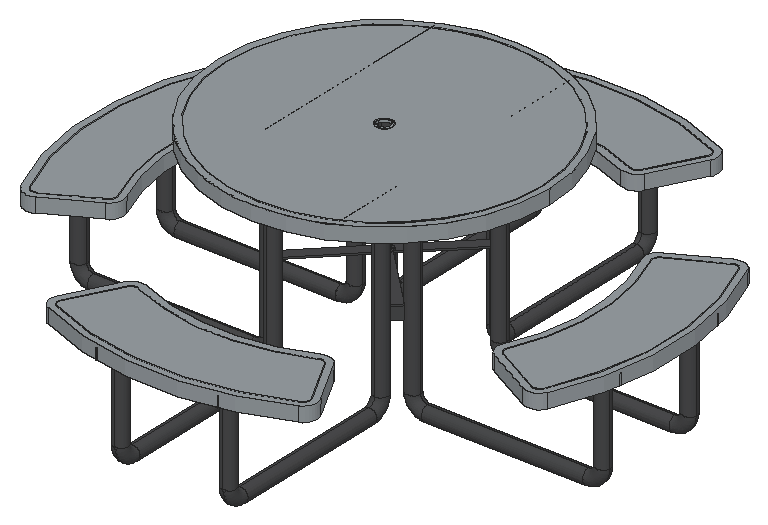
Revit family "OF-T46ROx", category Furniture, Revit 2020
Family settings
  Work Plane-Based = No
  Always vertical = Yes
  Cut with Voids When Loaded = No
  Shared = No
  Room Calculation Point = No
Parameters (values of type "OF-T46ROP")
  Top Perforated [instance] = Getzen Gray Perforated
  Top Frame [instance] = Getzen Gray Solid
  Top Expanded [instance] = Getzen Gray Expanded
  Seat Perforated [instance] = Getzen Gray Perforated
  Seat Frame [instance] = Getzen Gray Solid
  Seat Expanded [instance] = Getzen Gray Expanded
  HS Seat Count = 8
  Frame [instance] = Getzen Black Solid
  Surface Mount = no
  Perforated = no
  Mount = no
  Model = "OF-T46ROP"
  In Ground = no
  Expanded = yes
  ES Seat Count = 8
  Default Elevation = 0' - 0"
Types (6): name | Surface Mount | Perforated | Mount | Model | In Ground | Expanded
  OF-T46ROP | no | no | no | "OF-T46ROP" | no | yes
  OF-T46ROSM | yes | no | yes | "OF-T46ROSM" | no | yes
  OF-T46ROIG | no | no | yes | "OF-T46ROIG" | yes | yes
  OF-T46ROIG-PERF | no | yes | yes | "OF-T46ROIG-PERF" | yes | no
  OF-T46ROP-PERF | no | yes | no | "OF-T46ROP-PERF" | no | no
  OF-T46ROSM-PERF | yes | yes | yes | "OF-T46ROSM-PERF" | no | no
Reference planes (in)
  plane 1 "Center (Front/Back)": y = 0
  plane 2: z = 0
  plane 3 "Center (Left/Right)": x = 0
  plane 4 "29"": z = 29.5
  plane 5 "Seat Height": z = 16.5
Forms (in)
  Extrusion 1, solid, material "Getzen Gray Solid" <- "Seat Frame"
    sketch origin (0, 0, 0) x (1, 0, 0) y (0, 1, 0)
      loop
        arc (-36.58456, -17.37296) -> (-35.39958, -18.41597) -> (-33.8273, -18.27467) r 2
        line (-33.8273, -18.27467) -> (-26.99715, -14.58479)
        arc (-26.99715, -14.58479) -> (-26.05096, -13.45927) -> (-26.13003, -11.991) r 2
        arc (-26.13003, -11.991) -> (-28.75, 0) -> (-26.13003, 11.991) r 28.75
        arc (-26.13003, 11.991) -> (-26.05096, 13.45927) -> (-26.99715, 14.58479) r 2
        line (-26.99715, 14.58479) -> (-33.8273, 18.27467)
        arc (-33.8273, 18.27467) -> (-35.39958, 18.41597) -> (-36.58456, 17.37296) r 2
        arc (-36.58456, 17.37296) -> (-40.5, 0) -> (-36.58456, -17.37296) r 40.5
      loop
        arc (-35.68124, 16.944) -> (-39.5, 0) -> (-35.68124, -16.944) r 39.5
        arc (-35.68124, -16.944) -> (-35.08875, -17.4655) -> (-34.30261, -17.39486) r 1
        line (-34.30261, -17.39486) -> (-27.47246, -13.70497)
        arc (-27.47246, -13.70497) -> (-26.99936, -13.14221) -> (-27.0389, -12.40808) r 1
        arc (-27.0389, -12.40808) -> (-29.75, 0) -> (-27.0389, 12.40808) r 29.75
        arc (-27.0389, 12.40808) -> (-26.99936, 13.14221) -> (-27.47246, 13.70497) r 1
        line (-27.47246, 13.70497) -> (-34.30261, 17.39486)
        arc (-34.30261, 17.39486) -> (-35.08875, 17.4655) -> (-35.68124, 16.944) r 1
    from 14.5 to 16.5
  Extrusion 2, solid, material "Getzen Gray Perforated" <- "Seat Perforated", visible <- "Perforated"
    sketch origin (0, 0, 0) x (1, 0, 0) y (0, 1, 0)
      loop
        arc (-34.30261, 17.39486) -> (-35.08875, 17.4655) -> (-35.68124, 16.944) r 1
        arc (-35.68124, 16.944) -> (-39.5, 0) -> (-35.68124, -16.944) r 39.5
        arc (-35.68124, -16.944) -> (-35.08875, -17.4655) -> (-34.30261, -17.39486) r 1
        line (-34.30261, -17.39486) -> (-27.47246, -13.70497)
        arc (-27.47246, -13.70497) -> (-26.99936, -13.14221) -> (-27.0389, -12.40808) r 1
        arc (-27.0389, -12.40808) -> (-29.75, 0) -> (-27.0389, 12.40808) r 29.75
        arc (-27.0389, 12.40808) -> (-26.99936, 13.14221) -> (-27.47246, 13.70497) r 1
        line (-27.47246, 13.70497) -> (-34.30261, 17.39486)
    from 16.375 to 16.5
  Extrusion 3, solid, material "Getzen Gray Solid" <- "Top Frame"
    sketch origin (0, 0, 0) x (1, 0, 0) y (0, 1, 0)
      loop
        circle (0, 0) r 23
      loop
        circle (0, 0) r 22
    from 27.5 to 29.5
  Extrusion 4, solid, material "Getzen Gray Perforated" <- "Top Perforated", visible <- "Perforated"
    sketch origin (0, 0, 0) x (1, 0, 0) y (0, 1, 0)
      loop
        circle (0, 0) r 22
      loop
        circle (0, 0) r 1.128
    from 29.375 to 29.5
  Extrusion 5, solid, material "Getzen Gray Solid" <- "Top Frame"
    sketch origin (0, 0, 1.5) x (0, 1, 0) y (0, 0, 1)
      loop
        line (8.5, 13) -> (8.5, 14.5) -> (8.375, 14.5) -> (8.375, 13.125) -> (6.5, 13.125) -> (6.5, 13) -> (8.5, 13)
      loop
        line (-8.5, 13) -> (-6.5, 13) -> (-6.5, 13.125) -> (-8.375, 13.125) -> (-8.375, 14.5) -> (-8.5, 14.5) -> (-8.5, 13)
    from -28.36081 to -39.48813
  Sweep 6, solid, material "Getzen Black Solid" <- "Frame"
    path origin (0, 0, 0) x (1, 0, 0) y (0, 0, 1)
      loop
        line (-10, 27.5) -> (-10, 3)
        arc (-10, 3) -> (-10.58579, 1.58579) -> (-12, 1) r 2
        line (-12, 1) -> (-34.375, 1)
        arc (-34.375, 1) -> (-35.78921, 1.58579) -> (-36.375, 3) r 2
        line (-36.375, 3) -> (-36.375, 14.5)
    profile origin (-10, 0, 15.25) x (0, -1, 0) y (1, 0, 0)
      loop
        circle (7.5, 0) r 1
  Sweep 7, solid, material "Getzen Black Solid" <- "Frame"
    path origin (0, -0.5, 0) x (1, 0, 0) y (0, 0, -1)
      loop
        line (-10, -27.5) -> (-10, -3)
        arc (-10, -3) -> (-10.58579, -1.58579) -> (-12, -1) r 2
        line (-12, -1) -> (-34.375, -1)
        arc (-34.375, -1) -> (-35.78921, -1.58579) -> (-36.375, -3) r 2
        line (-36.375, -3) -> (-36.375, -14.5)
    profile origin (-10, -0.5, 15.25) x (0, 1, 0) y (-1, 0, 0)
      loop
        circle (8, 0) r 1
  Extrusion 8, solid, material "Getzen Gray Solid" <- "Top Frame"
    sketch origin (0, 0, 0) x (1, 0, 0) y (0, 1, 0)
      loop
        line (-9.375, 9.375) -> (-9.375, -9.375) -> (9.375, -9.375) -> (9.375, 9.375) -> (-9.375, 9.375)
      loop
        line (9.625, 9.375) -> (20.375, 9.375) -> (20.125, 9.625) -> (9.625, 9.625) -> (9.625, 20.28281) -> (9.375, 20.375) -> (9.375, 9.625) -> (-9.375, 9.625) -> (-9.375, 20.375) -> (-9.625, 20.28281) -> (-9.625, 9.625) -> (-20.125, 9.625) -> (-20.375, 9.375) -> (-9.625, 9.375) -> (-9.625, -9.375) -> (-20.375, -9.375) -> (-20.125, -9.625) -> (-9.625, -9.625) -> (-9.625, -20.28281) -> (-9.375, -20.375) -> (-9.375, -9.625) -> (9.375, -9.625) -> (9.375, -20.375) -> (9.625, -20.28281) -> (9.625, -9.625) -> (20.125, -9.625) -> (20.375, -9.375) -> (9.625, -9.375) -> (9.625, 9.375)
    from 27.5 to 29.375
  Extrusion 9, solid, material "Getzen Gray Solid" <- "Top Frame"
    sketch origin (0, 0, 1.5) x (0, 1, 0) y (0, 0, -1)
      loop
        line (8.5, -13) -> (6.5, -13) -> (6.5, -13.125) -> (8.375, -13.125) -> (8.375, -14.5) -> (8.5, -14.5) -> (8.5, -13)
      loop
        line (-8.5, -13) -> (-8.5, -14.5) -> (-8.375, -14.5) -> (-8.375, -13.125) -> (-6.5, -13.125) -> (-6.5, -13) -> (-8.5, -13)
    from -28.36081 to -39.48813
  Extrusion 10, solid, material "Getzen Gray Solid" <- "Top Frame"
    sketch origin (0, 0, 1.5) x (-1, 0, 0) y (0, 0, 1)
      loop
        line (8.5, 13) -> (8.5, 14.5) -> (8.375, 14.5) -> (8.375, 13.125) -> (6.5, 13.125) -> (6.5, 13) -> (8.5, 13)
      loop
        line (-8.5, 13) -> (-6.5, 13) -> (-6.5, 13.125) -> (-8.375, 13.125) -> (-8.375, 14.5) -> (-8.5, 14.5) -> (-8.5, 13)
    from -28.36081 to -39.48813
  Extrusion 11, solid, material "Getzen Gray Solid" <- "Top Frame"
    sketch origin (0, 0, 1.5) x (-1, 0, 0) y (0, 0, -1)
      loop
        line (8.5, -13) -> (6.5, -13) -> (6.5, -13.125) -> (8.375, -13.125) -> (8.375, -14.5) -> (8.5, -14.5) -> (8.5, -13)
      loop
        line (-8.5, -13) -> (-8.5, -14.5) -> (-8.375, -14.5) -> (-8.375, -13.125) -> (-6.5, -13.125) -> (-6.5, -13) -> (-8.5, -13)
    from -28.36081 to -39.48813
  Extrusion 12, solid, material "Getzen Black Solid" <- "Frame"
    sketch origin (0, 0, 0) x (1, 0, 0) y (0, 1, 0)
      loop
        line (-9.375, 8.28062) -> (-1.24327, 0.1489) -> (-0.1489, 1.24327) -> (-8.28062, 9.375) -> (-9.375, 8.28062)
      loop
        line (9.375, 8.28062) -> (8.28062, 9.375) -> (0.1489, 1.24327) -> (1.24327, 0.1489) -> (9.375, 8.28062)
      loop
        line (-9.375, -8.28062) -> (-8.28062, -9.375) -> (-0.1489, -1.24327) -> (-1.24327, -0.1489) -> (-9.375, -8.28062)
      loop
        line (9.375, -8.28062) -> (1.24327, -0.1489) -> (0.1489, -1.24327) -> (8.28062, -9.375) -> (9.375, -8.28062)
    from 13.75 to 14
  Extrusion 13, solid, material "Getzen Black Solid" <- "Frame"
    sketch origin (0, 0, 0) x (1, 0, 0) y (0, 1, 0)
      loop
        circle (0, 0) r 1.128
      loop
        circle (0, 0) r 0.875
    from 12 to 14
  Extrusion 14, solid, material "Getzen Black Solid" <- "Frame"
    sketch origin (0, 0, 0) x (1, 0, 0) y (0, 1, 0)
      loop
        line (-9.375, 8.28062) -> (-9.19822, 8.10385) -> (-8.10385, 9.19822) -> (-8.28062, 9.375) -> (-9.375, 8.28062)
      loop
        line (9.375, 8.28062) -> (8.28062, 9.375) -> (8.10385, 9.19822) -> (9.19822, 8.10385) -> (9.375, 8.28062)
      loop
        line (-9.375, -8.28062) -> (-8.28062, -9.375) -> (-8.10385, -9.19822) -> (-9.19822, -8.10385) -> (-9.375, -8.28062)
      loop
        line (9.375, -8.28062) -> (9.19822, -8.10385) -> (8.10385, -9.19822) -> (8.28062, -9.375) -> (9.375, -8.28062)
    from 12 to 13.75
  Extrusion 15, solid, material "Getzen Gray Solid" <- "Top Frame"
    sketch origin (0, 0, 0) x (1, 0, 0) y (0, 1, 0)
      loop
        circle (0, 0) r 0.875
      loop
        circle (0, 0) r 1.128
    from 29.25 to 29.5
  Extrusion 16, solid, material "Getzen Black Solid" <- "Frame", visible <- "Mount"
    sketch origin (0, 0, 0) x (1, 0, 0) y (0, 1, 0)
      loop
        circle (-23.1875, 9) r 0.75
    from 0 to 0.4257
  Extrusion 17, solid, material "Getzen Hardware", visible <- "Mount"
    sketch origin (0, 0, 0) x (1, 0, 0) y (0, 1, 0)
      loop
        circle (-23.1875, 9) r 0.375
    from 0.25 to 0.5
  Extrusion 18, solid, visible <- "Surface Mount"
    sketch origin (0, 0, 0) x (1, 0, 0) y (0, 1, 0)
      loop
        circle (-23.1875, 9) r 1
    from -2 to 0
  Extrusion 19, solid, material "Getzen Hardware", visible <- "In Ground"
    sketch origin (0, 0, 0) x (1, 0, 0) y (0, 1, 0)
      loop
        circle (-23.1875, 9) r 2
    from -8 to 0
  Sweep 20, solid, material "Getzen Black Solid" <- "Frame"
    path origin (0, 0, 0) x (0, -1, 0) y (0, 0, 1)
      loop
        line (-10, 27.5) -> (-10, 3)
        arc (-10, 3) -> (-10.58579, 1.58579) -> (-12, 1) r 2
        line (-12, 1) -> (-34.375, 1)
        arc (-34.375, 1) -> (-35.78921, 1.58579) -> (-36.375, 3) r 2
        line (-36.375, 3) -> (-36.375, 14.5)
    profile origin (0, 10, 15.25) x (-1, 0, 0) y (0, -1, 0)
      loop
        circle (7.5, 0) r 1
  Sweep 21, solid, material "Getzen Black Solid" <- "Frame"
    path origin (-0.5, 0, 0) x (0, -1, 0) y (0, 0, -1)
      loop
        line (-10, -27.5) -> (-10, -3)
        arc (-10, -3) -> (-10.58579, -1.58579) -> (-12, -1) r 2
        line (-12, -1) -> (-34.375, -1)
        arc (-34.375, -1) -> (-35.78921, -1.58579) -> (-36.375, -3) r 2
        line (-36.375, -3) -> (-36.375, -14.5)
    profile origin (-0.5, 10, 15.25) x (1, 0, 0) y (0, 1, 0)
      loop
        circle (8, 0) r 1
  Extrusion 22, solid, material "Getzen Black Solid" <- "Frame", visible <- "Mount"
    sketch origin (0, 0, 0) x (0, -1, 0) y (1, 0, 0)
      loop
        circle (-23.1875, 9) r 0.75
    from 0 to 0.4257
  Extrusion 23, solid, material "Getzen Hardware", visible <- "Mount"
    sketch origin (0, 0, 0) x (0, -1, 0) y (1, 0, 0)
      loop
        circle (-23.1875, 9) r 0.375
    from 0.25 to 0.5
  Sweep 24, solid, material "Getzen Black Solid" <- "Frame"
    path origin (0, 0, 0) x (-1, 0, 0) y (0, 0, 1)
      loop
        line (-10, 27.5) -> (-10, 3)
        arc (-10, 3) -> (-10.58579, 1.58579) -> (-12, 1) r 2
        line (-12, 1) -> (-34.375, 1)
        arc (-34.375, 1) -> (-35.78921, 1.58579) -> (-36.375, 3) r 2
        line (-36.375, 3) -> (-36.375, 14.5)
    profile origin (10, 0, 15.25) x (0, 1, 0) y (-1, 0, 0)
      loop
        circle (7.5, 0) r 1
  Sweep 25, solid, material "Getzen Black Solid" <- "Frame"
    path origin (0, 0.5, 0) x (-1, 0, 0) y (0, 0, -1)
      loop
        line (-10, -27.5) -> (-10, -3)
        arc (-10, -3) -> (-10.58579, -1.58579) -> (-12, -1) r 2
        line (-12, -1) -> (-34.375, -1)
        arc (-34.375, -1) -> (-35.78921, -1.58579) -> (-36.375, -3) r 2
        line (-36.375, -3) -> (-36.375, -14.5)
    profile origin (10, 0.5, 15.25) x (0, -1, 0) y (1, 0, 0)
      loop
        circle (8, 0) r 1
  Extrusion 26, solid, material "Getzen Black Solid" <- "Frame", visible <- "Mount"
    sketch origin (0, 0, 0) x (-1, 0, 0) y (0, -1, 0)
      loop
        circle (-23.1875, 9) r 0.75
    from 0 to 0.4257
  Extrusion 27, solid, material "Getzen Hardware", visible <- "Mount"
    sketch origin (0, 0, 0) x (-1, 0, 0) y (0, -1, 0)
      loop
        circle (-23.1875, 9) r 0.375
    from 0.25 to 0.5
  Sweep 28, solid, material "Getzen Black Solid" <- "Frame"
    path origin (0, 0, 0) x (0, 1, 0) y (0, 0, 1)
      loop
        line (-10, 27.5) -> (-10, 3)
        arc (-10, 3) -> (-10.58579, 1.58579) -> (-12, 1) r 2
        line (-12, 1) -> (-34.375, 1)
        arc (-34.375, 1) -> (-35.78921, 1.58579) -> (-36.375, 3) r 2
        line (-36.375, 3) -> (-36.375, 14.5)
    profile origin (0, -10, 15.25) x (1, 0, 0) y (0, 1, 0)
      loop
        circle (7.5, 0) r 1
  Sweep 29, solid, material "Getzen Black Solid" <- "Frame"
    path origin (0.5, 0, 0) x (0, 1, 0) y (0, 0, -1)
      loop
        line (-10, -27.5) -> (-10, -3)
        arc (-10, -3) -> (-10.58579, -1.58579) -> (-12, -1) r 2
        line (-12, -1) -> (-34.375, -1)
        arc (-34.375, -1) -> (-35.78921, -1.58579) -> (-36.375, -3) r 2
        line (-36.375, -3) -> (-36.375, -14.5)
    profile origin (0.5, -10, 15.25) x (-1, 0, 0) y (0, -1, 0)
      loop
        circle (8, 0) r 1
  Extrusion 30, solid, material "Getzen Black Solid" <- "Frame", visible <- "Mount"
    sketch origin (0, 0, 0) x (0, 1, 0) y (-1, 0, 0)
      loop
        circle (-23.1875, 9) r 0.75
    from 0 to 0.4257
  Extrusion 31, solid, material "Getzen Hardware", visible <- "Mount"
    sketch origin (0, 0, 0) x (0, 1, 0) y (-1, 0, 0)
      loop
        circle (-23.1875, 9) r 0.375
    from 0.25 to 0.5
  Extrusion 32, solid, visible <- "Surface Mount"
    sketch origin (0, 0, 0) x (0, -1, 0) y (1, 0, 0)
      loop
        circle (-23.1875, 9) r 1
    from -2 to 0
  Extrusion 33, solid, material "Getzen Hardware", visible <- "In Ground"
    sketch origin (0, 0, 0) x (0, -1, 0) y (1, 0, 0)
      loop
        circle (-23.1875, 9) r 2
    from -8 to 0
  Extrusion 34, solid, visible <- "Surface Mount"
    sketch origin (0, 0, 0) x (-1, 0, 0) y (0, -1, 0)
      loop
        circle (-23.1875, 9) r 1
    from -2 to 0
  Extrusion 35, solid, material "Getzen Hardware", visible <- "In Ground"
    sketch origin (0, 0, 0) x (-1, 0, 0) y (0, -1, 0)
      loop
        circle (-23.1875, 9) r 2
    from -8 to 0
  Extrusion 36, solid, visible <- "Surface Mount"
    sketch origin (0, 0, 0) x (0, 1, 0) y (-1, 0, 0)
      loop
        circle (-23.1875, 9) r 1
    from -2 to 0
  Extrusion 37, solid, material "Getzen Hardware", visible <- "In Ground"
    sketch origin (0, 0, 0) x (0, 1, 0) y (-1, 0, 0)
      loop
        circle (-23.1875, 9) r 2
    from -8 to 0
  Extrusion 38, solid, material "Getzen Gray Expanded" <- "Top Expanded", visible <- "Expanded"
    sketch origin (0, 0, 0) x (1, 0, 0) y (0, 1, 0)
      loop
        circle (0, 0) r 22
      loop
        circle (0, 0) r 1.128
    from 29.375 to 29.5
  Extrusion 39, solid, material "Getzen Gray Expanded" <- "Seat Expanded", visible <- "Expanded"
    sketch origin (0, 0, 0) x (1, 0, 0) y (0, 1, 0)
      loop
        arc (-34.30261, 17.39486) -> (-35.08875, 17.4655) -> (-35.68124, 16.944) r 1
        arc (-35.68124, 16.944) -> (-39.5, 0) -> (-35.68124, -16.944) r 39.5
        arc (-35.68124, -16.944) -> (-35.08875, -17.4655) -> (-34.30261, -17.39486) r 1
        line (-34.30261, -17.39486) -> (-27.47246, -13.70497)
        arc (-27.47246, -13.70497) -> (-26.99936, -13.14221) -> (-27.0389, -12.40808) r 1
        arc (-27.0389, -12.40808) -> (-29.75, 0) -> (-27.0389, 12.40808) r 29.75
        arc (-27.0389, 12.40808) -> (-26.99936, 13.14221) -> (-27.47246, 13.70497) r 1
        line (-27.47246, 13.70497) -> (-34.30261, 17.39486)
    from 16.375 to 16.5
  Extrusion 40, solid, material "Getzen Gray Solid" <- "Seat Frame"
    sketch origin (0, 0, 0) x (-1, 0, 0) y (0, -1, 0)
      loop
        arc (-36.58456, 17.37296) -> (-40.5, 0) -> (-36.58456, -17.37296) r 40.5
        arc (-36.58456, -17.37296) -> (-35.39958, -18.41597) -> (-33.8273, -18.27467) r 2
        line (-33.8273, -18.27467) -> (-26.99715, -14.58479)
        arc (-26.99715, -14.58479) -> (-26.05096, -13.45927) -> (-26.13003, -11.991) r 2
        arc (-26.13003, -11.991) -> (-28.75, 0) -> (-26.13003, 11.991) r 28.75
        arc (-26.13003, 11.991) -> (-26.05096, 13.45927) -> (-26.99715, 14.58479) r 2
        line (-26.99715, 14.58479) -> (-33.8273, 18.27467)
        arc (-33.8273, 18.27467) -> (-35.39958, 18.41597) -> (-36.58456, 17.37296) r 2
      loop
        arc (-35.68124, -16.944) -> (-35.08875, -17.4655) -> (-34.30261, -17.39486) r 1
        line (-34.30261, -17.39486) -> (-27.47246, -13.70497)
        arc (-27.47246, -13.70497) -> (-26.99936, -13.14221) -> (-27.0389, -12.40808) r 1
        arc (-27.0389, -12.40808) -> (-29.75, 0) -> (-27.0389, 12.40808) r 29.75
        arc (-27.0389, 12.40808) -> (-26.99936, 13.14221) -> (-27.47246, 13.70497) r 1
        line (-27.47246, 13.70497) -> (-34.30261, 17.39486)
        arc (-34.30261, 17.39486) -> (-35.08875, 17.4655) -> (-35.68124, 16.944) r 1
        arc (-35.68124, 16.944) -> (-39.5, 0) -> (-35.68124, -16.944) r 39.5
    from 14.5 to 16.5
  Extrusion 41, solid, material "Getzen Gray Perforated" <- "Seat Perforated", visible <- "Perforated"
    sketch origin (0, 0, 0) x (-1, 0, 0) y (0, -1, 0)
      loop
        line (-34.30261, -17.39486) -> (-27.47246, -13.70497)
        arc (-27.47246, -13.70497) -> (-26.99936, -13.14221) -> (-27.0389, -12.40808) r 1
        arc (-27.0389, -12.40808) -> (-29.75, 0) -> (-27.0389, 12.40808) r 29.75
        arc (-27.0389, 12.40808) -> (-26.99936, 13.14221) -> (-27.47246, 13.70497) r 1
        line (-27.47246, 13.70497) -> (-34.30261, 17.39486)
        arc (-34.30261, 17.39486) -> (-35.08875, 17.4655) -> (-35.68124, 16.944) r 1
        arc (-35.68124, 16.944) -> (-39.5, 0) -> (-35.68124, -16.944) r 39.5
        arc (-35.68124, -16.944) -> (-35.08875, -17.4655) -> (-34.30261, -17.39486) r 1
    from 16.375 to 16.5
  Extrusion 42, solid, material "Getzen Gray Expanded" <- "Seat Expanded", visible <- "Expanded"
    sketch origin (0, 0, 0) x (-1, 0, 0) y (0, -1, 0)
      loop
        line (-34.30261, -17.39486) -> (-27.47246, -13.70497)
        arc (-27.47246, -13.70497) -> (-26.99936, -13.14221) -> (-27.0389, -12.40808) r 1
        arc (-27.0389, -12.40808) -> (-29.75, 0) -> (-27.0389, 12.40808) r 29.75
        arc (-27.0389, 12.40808) -> (-26.99936, 13.14221) -> (-27.47246, 13.70497) r 1
        line (-27.47246, 13.70497) -> (-34.30261, 17.39486)
        arc (-34.30261, 17.39486) -> (-35.08875, 17.4655) -> (-35.68124, 16.944) r 1
        arc (-35.68124, 16.944) -> (-39.5, 0) -> (-35.68124, -16.944) r 39.5
        arc (-35.68124, -16.944) -> (-35.08875, -17.4655) -> (-34.30261, -17.39486) r 1
    from 16.375 to 16.5
  Extrusion 43, solid, material "Getzen Gray Solid" <- "Seat Frame"
    sketch origin (0, 0, 0) x (0, -1, 0) y (1, 0, 0)
      loop
        arc (-36.58456, -17.37296) -> (-35.39958, -18.41597) -> (-33.8273, -18.27467) r 2
        line (-33.8273, -18.27467) -> (-26.99715, -14.58479)
        arc (-26.99715, -14.58479) -> (-26.05096, -13.45927) -> (-26.13003, -11.991) r 2
        arc (-26.13003, -11.991) -> (-28.75, 0) -> (-26.13003, 11.991) r 28.75
        arc (-26.13003, 11.991) -> (-26.05096, 13.45927) -> (-26.99715, 14.58479) r 2
        line (-26.99715, 14.58479) -> (-33.8273, 18.27467)
        arc (-33.8273, 18.27467) -> (-35.39958, 18.41597) -> (-36.58456, 17.37296) r 2
        arc (-36.58456, 17.37296) -> (-40.5, 0) -> (-36.58456, -17.37296) r 40.5
      loop
        arc (-35.68124, 16.944) -> (-39.5, 0) -> (-35.68124, -16.944) r 39.5
        arc (-35.68124, -16.944) -> (-35.08875, -17.4655) -> (-34.30261, -17.39486) r 1
        line (-34.30261, -17.39486) -> (-27.47246, -13.70497)
        arc (-27.47246, -13.70497) -> (-26.99936, -13.14221) -> (-27.0389, -12.40808) r 1
        arc (-27.0389, -12.40808) -> (-29.75, 0) -> (-27.0389, 12.40808) r 29.75
        arc (-27.0389, 12.40808) -> (-26.99936, 13.14221) -> (-27.47246, 13.70497) r 1
        line (-27.47246, 13.70497) -> (-34.30261, 17.39486)
        arc (-34.30261, 17.39486) -> (-35.08875, 17.4655) -> (-35.68124, 16.944) r 1
    from 14.5 to 16.5
  Extrusion 44, solid, material "Getzen Gray Perforated" <- "Seat Perforated", visible <- "Perforated"
    sketch origin (0, 0, 0) x (0, -1, 0) y (1, 0, 0)
      loop
        arc (-34.30261, 17.39486) -> (-35.08875, 17.4655) -> (-35.68124, 16.944) r 1
        arc (-35.68124, 16.944) -> (-39.5, 0) -> (-35.68124, -16.944) r 39.5
        arc (-35.68124, -16.944) -> (-35.08875, -17.4655) -> (-34.30261, -17.39486) r 1
        line (-34.30261, -17.39486) -> (-27.47246, -13.70497)
        arc (-27.47246, -13.70497) -> (-26.99936, -13.14221) -> (-27.0389, -12.40808) r 1
        arc (-27.0389, -12.40808) -> (-29.75, 0) -> (-27.0389, 12.40808) r 29.75
        arc (-27.0389, 12.40808) -> (-26.99936, 13.14221) -> (-27.47246, 13.70497) r 1
        line (-27.47246, 13.70497) -> (-34.30261, 17.39486)
    from 16.375 to 16.5
  Extrusion 45, solid, material "Getzen Gray Expanded" <- "Seat Expanded", visible <- "Expanded"
    sketch origin (0, 0, 0) x (0, -1, 0) y (1, 0, 0)
      loop
        arc (-34.30261, 17.39486) -> (-35.08875, 17.4655) -> (-35.68124, 16.944) r 1
        arc (-35.68124, 16.944) -> (-39.5, 0) -> (-35.68124, -16.944) r 39.5
        arc (-35.68124, -16.944) -> (-35.08875, -17.4655) -> (-34.30261, -17.39486) r 1
        line (-34.30261, -17.39486) -> (-27.47246, -13.70497)
        arc (-27.47246, -13.70497) -> (-26.99936, -13.14221) -> (-27.0389, -12.40808) r 1
        arc (-27.0389, -12.40808) -> (-29.75, 0) -> (-27.0389, 12.40808) r 29.75
        arc (-27.0389, 12.40808) -> (-26.99936, 13.14221) -> (-27.47246, 13.70497) r 1
        line (-27.47246, 13.70497) -> (-34.30261, 17.39486)
    from 16.375 to 16.5
  Extrusion 46, solid, material "Getzen Gray Solid" <- "Seat Frame"
    sketch origin (0, 0, 0) x (0, 1, 0) y (-1, 0, 0)
      loop
        arc (-36.58456, 17.37296) -> (-40.5, 0) -> (-36.58456, -17.37296) r 40.5
        arc (-36.58456, -17.37296) -> (-35.39958, -18.41597) -> (-33.8273, -18.27467) r 2
        line (-33.8273, -18.27467) -> (-26.99715, -14.58479)
        arc (-26.99715, -14.58479) -> (-26.05096, -13.45927) -> (-26.13003, -11.991) r 2
        arc (-26.13003, -11.991) -> (-28.75, 0) -> (-26.13003, 11.991) r 28.75
        arc (-26.13003, 11.991) -> (-26.05096, 13.45927) -> (-26.99715, 14.58479) r 2
        line (-26.99715, 14.58479) -> (-33.8273, 18.27467)
        arc (-33.8273, 18.27467) -> (-35.39958, 18.41597) -> (-36.58456, 17.37296) r 2
      loop
        arc (-35.68124, -16.944) -> (-35.08875, -17.4655) -> (-34.30261, -17.39486) r 1
        line (-34.30261, -17.39486) -> (-27.47246, -13.70497)
        arc (-27.47246, -13.70497) -> (-26.99936, -13.14221) -> (-27.0389, -12.40808) r 1
        arc (-27.0389, -12.40808) -> (-29.75, 0) -> (-27.0389, 12.40808) r 29.75
        arc (-27.0389, 12.40808) -> (-26.99936, 13.14221) -> (-27.47246, 13.70497) r 1
        line (-27.47246, 13.70497) -> (-34.30261, 17.39486)
        arc (-34.30261, 17.39486) -> (-35.08875, 17.4655) -> (-35.68124, 16.944) r 1
        arc (-35.68124, 16.944) -> (-39.5, 0) -> (-35.68124, -16.944) r 39.5
    from 14.5 to 16.5
  Extrusion 47, solid, material "Getzen Gray Perforated" <- "Seat Perforated", visible <- "Perforated"
    sketch origin (0, 0, 0) x (0, 1, 0) y (-1, 0, 0)
      loop
        line (-34.30261, -17.39486) -> (-27.47246, -13.70497)
        arc (-27.47246, -13.70497) -> (-26.99936, -13.14221) -> (-27.0389, -12.40808) r 1
        arc (-27.0389, -12.40808) -> (-29.75, 0) -> (-27.0389, 12.40808) r 29.75
        arc (-27.0389, 12.40808) -> (-26.99936, 13.14221) -> (-27.47246, 13.70497) r 1
        line (-27.47246, 13.70497) -> (-34.30261, 17.39486)
        arc (-34.30261, 17.39486) -> (-35.08875, 17.4655) -> (-35.68124, 16.944) r 1
        arc (-35.68124, 16.944) -> (-39.5, 0) -> (-35.68124, -16.944) r 39.5
        arc (-35.68124, -16.944) -> (-35.08875, -17.4655) -> (-34.30261, -17.39486) r 1
    from 16.375 to 16.5
  Extrusion 48, solid, material "Getzen Gray Expanded" <- "Seat Expanded", visible <- "Expanded"
    sketch origin (0, 0, 0) x (0, 1, 0) y (-1, 0, 0)
      loop
        line (-34.30261, -17.39486) -> (-27.47246, -13.70497)
        arc (-27.47246, -13.70497) -> (-26.99936, -13.14221) -> (-27.0389, -12.40808) r 1
        arc (-27.0389, -12.40808) -> (-29.75, 0) -> (-27.0389, 12.40808) r 29.75
        arc (-27.0389, 12.40808) -> (-26.99936, 13.14221) -> (-27.47246, 13.70497) r 1
        line (-27.47246, 13.70497) -> (-34.30261, 17.39486)
        arc (-34.30261, 17.39486) -> (-35.08875, 17.4655) -> (-35.68124, 16.944) r 1
        arc (-35.68124, 16.944) -> (-39.5, 0) -> (-35.68124, -16.944) r 39.5
        arc (-35.68124, -16.944) -> (-35.08875, -17.4655) -> (-34.30261, -17.39486) r 1
    from 16.375 to 16.5
Dimensions and locks (in)
  plane 4 "29"" to level = 2' - 5 1/2"
  plane 5 "Seat Height" to level = 1' - 4 1/2"
  aligned and locked: plane 2 to level
